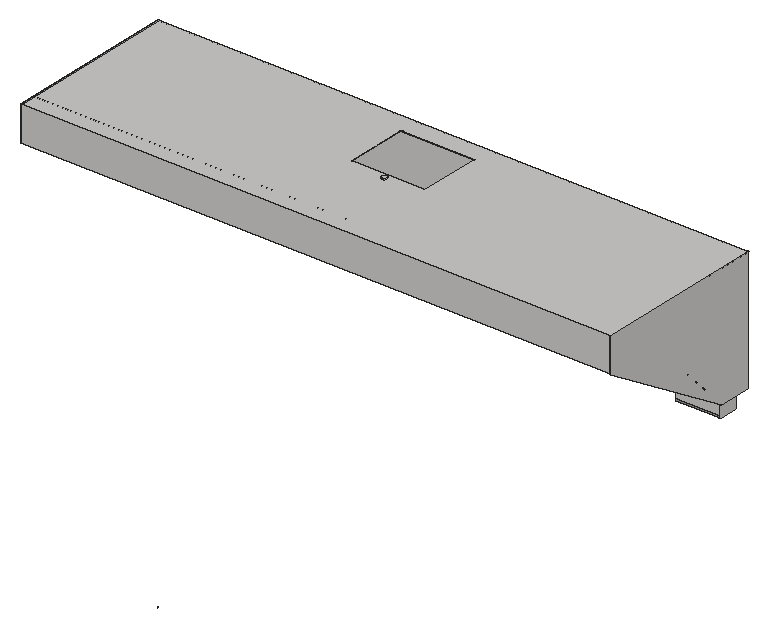
Revit family "QF_ELECTROLUXPROFESSIONAL_644202_AMPV724DT", category Specialty Equipment, Revit 2014
Reference planes
  plane 1: z = 0
  plane 2 "Center (Left/Right)": x = 150
  plane 3 "LEFT": x = -1050
  plane 4 "RIGHT": x = 1350
  plane 5 "BACK": y = 550
  plane 6 "Plane": z = 2000
  plane 7 "TOP": z = 2140
  plane 8 "Base": z = 1640
  plane 9: z = 1566
  plane 10 "DrainY": y = 485
  plane 11: x = -1047
  plane 12: through (0, 414.509, 1640.8) normal (0, 0.7314, 0.682)
  plane 13: y = 470
  plane 14: y = 220
  plane 15 "DrainX": x = 1230
  plane 16: x = 300
  plane 17: x = 0
  plane 18: x = 1347
  plane 19: x = 1140
  plane 20: x = 1320
  plane 21: x = -1010
  plane 22: x = -645
  plane 23: x = -450
  plane 24: x = 1310
  plane 25: x = 945
  plane 26: x = 750
  plane 27: x = -47.5
  plane 28: x = 347.5
  plane 29 "Center (Front/Back)": y = 200
  plane 30 "Front": y = -150
Forms (mm)
  Extrusion 1, solid, material "QF_Finishes_Stainless Steel"
    sketch origin (-1050, 0, 0) x (0, 1, 0) y (0, 0, 1)
      loop
        line (550, 1640) -> (550, 2140) -> (-150, 2140) -> (-150, 1999.112) -> (413.973, 1640) -> (550, 1640)
    from 0 to 3
  Extrusion 2, solid, material "QF_Finishes_Stainless Steel"
    sketch origin (150, 0, 0) x (0, 1, 0) y (0, 0, 1)
      loop
        line (415.255, 1640) -> (550, 1640) -> (550, 2139.19) -> (549.2, 2139.19) -> (549.2, 1640.8) -> (415.876, 1640.8) -> (339.347, 1722.867) -> (349.609, 1732.436) -> (348.927, 1733.167) -> (337.934, 1722.917) -> (415.255, 1640)
      loop
        line (-82.203, 2139.19) -> (-82.203, 2118.6) -> (-31.047, 2118.6) -> (34.354, 2048.466) -> (46.028, 2059.352) -> (45.346, 2060.083) -> (34.403, 2049.879) -> (-30.612, 2119.6) -> (-81.203, 2119.6) -> (-81.203, 2139.19) -> (-82.203, 2139.19)
    from -1197 to 1197
  Extrusion 3, solid, material "QF_Finishes_Stainless Steel"
    sketch origin (1350, 0, 0) x (0, 1, 0) y (0, 0, 1)
      loop
        line (550, 1640) -> (550, 2140) -> (-150, 2140) -> (-150, 1999.112) -> (413.973, 1640) -> (550, 1640)
    from 0 to -3
  Extrusion 4, solid, material "QF_Finishes_Stainless Steel"
    sketch origin (150, 0, 0) x (0, 1, 0) y (0, 0, 1)
      loop
        line (-150, 2140) -> (-150, 2000) -> (-149.2, 2000) -> (-149.2, 2139.19) -> (550, 2139.19) -> (550, 2140) -> (-150, 2140)
    from -1200 to 1200
  Extrusion 5, solid, material "QF_Finishes_Stainless Steel"
    sketch origin (150, 0, 0) x (0, 1, 0) y (0, 0, 1)
      loop
        line (534, 1640) -> (436, 1640) -> (436, 1627) -> (443.5, 1627) -> (443.5, 1576)
        arc (443.5, 1576) -> (446.429, 1568.929) -> (453.5, 1566) r 10
        line (453.5, 1566) -> (516.5, 1566)
        arc (516.5, 1566) -> (523.571, 1568.929) -> (526.5, 1576) r 10
        line (526.5, 1576) -> (526.5, 1627) -> (534, 1627) -> (534, 1640)
    from 990 to 1170
  Extrusion 6, solid, material "QF_Finishes_Stainless Steel"
    sketch origin (0, 0, 1640) x (0, 1, 0) y (-1, 0, 0)
      loop
        circle (485, -1230) r 20
    from -76 to -74
  Extrusion 7, solid, material "QF_Finished_Chrome"
    sketch origin (150, 0, 0) x (0, 1, 0) y (0, 0, 1)
      loop
        line (337.934, 1722.917) -> (341.591, 1726.327) -> (38.011, 2051.876) -> (34.354, 2048.466) -> (337.934, 1722.917)
    from -795 to -1160
  Extrusion 8, solid, material "QF_Finished_Chrome"
    sketch origin (150, 0, 0) x (0, 1, 0) y (0, 0, 1)
      loop
        line (337.934, 1722.917) -> (341.591, 1726.327) -> (38.011, 2051.876) -> (34.354, 2048.466) -> (337.934, 1722.917)
    from -197.5 to -600
  Extrusion 9, solid, material "QF_Finishes_Stainless Steel"
    sketch origin (150, 0, 0) x (0, 1, 0) y (0, 0, 1)
      loop
        line (337.934, 1722.917) -> (341.591, 1726.327) -> (38.011, 2051.876) -> (34.354, 2048.466) -> (337.934, 1722.917)
    from 1197 to 1160
  Extrusion 10, solid, material "QF_Finishes_Stainless Steel"
    sketch origin (150, 0, 0) x (0, 1, 0) y (0, 0, 1)
      loop
        line (341.588, 1726.324) -> (38.009, 2051.874) -> (34.354, 2048.466) -> (337.934, 1722.917) -> (341.588, 1726.324)
    from -795 to -600
  Extrusion 11, solid, material "QF_Finished_Chrome"
    sketch origin (150, 0, 0) x (0, 1, 0) y (0, 0, 1)
      loop
        line (341.588, 1726.324) -> (38.009, 2051.874) -> (34.354, 2048.466) -> (337.934, 1722.917) -> (341.588, 1726.324)
    from 795 to 1160
  Extrusion 12, void
    sketch origin (0, 0, 2140) x (0, 1, 0) y (-1, 0, 0)
      loop
        line (470, 0) -> (220, 0) -> (220, -300) -> (470, -300) -> (470, 0)
    from 0 to -10
  Extrusion 13, solid, material "QF_Finishes_Stainless Steel"
    sketch origin (0, 0, 0) x (1, 0, 0) y (0, 1, 0)
      loop
        line (-1050, 550) -> (-1050, 549) -> (-1049, 549) -> (-1049, 550) -> (-1050, 550)
    from 0 to 1
  Extrusion 14, solid, material "QF_Finishes_Stainless Steel"
    sketch origin (150, 0, 0) x (0, 1, 0) y (0, 0, 1)
      loop
        line (337.934, 1722.917) -> (341.591, 1726.327) -> (38.011, 2051.876) -> (34.354, 2048.466) -> (337.934, 1722.917)
    from -1160 to -1197
  Extrusion 15, solid, material "QF_Finishes_Stainless Steel"
    sketch origin (150, 0, 0) x (0, 1, 0) y (0, 0, -1)
      loop
        line (341.588, -1726.324) -> (337.934, -1722.917) -> (34.354, -2048.466) -> (38.009, -2051.874) -> (341.588, -1726.324)
    from -795 to -600
  Extrusion 16, solid, material "QF_Finished_Chrome"
    sketch origin (150, 0, 0) x (0, 1, 0) y (0, 0, 1)
      loop
        line (337.934, 1722.917) -> (341.591, 1726.327) -> (38.011, 2051.876) -> (34.354, 2048.466) -> (337.934, 1722.917)
    from 600 to 197.5
  Extrusion 17, solid, material "QF_Finishes_Stainless Steel"
    sketch origin (150, 0, 0) x (0, 1, 0) y (0, 0, -1)
      loop
        line (341.588, -1726.324) -> (337.934, -1722.917) -> (34.354, -2048.466) -> (38.009, -2051.874) -> (341.588, -1726.324)
    from -197.5 to 197.5
  Extrusion 18, solid, material "QF_Finishes_Stainless Steel"
    sketch origin (0, 0, 2140) x (0, 1, 0) y (-1, 0, 0)
      loop
        circle (200, -150) r 10
    from 0 to 2
Cuts and joins
  Extrusion 12 cuts Extrusion 4
  joined: Extrusion 2, Extrusion 4
Lines and regions (mm)
  reference lines
    curve 1: line (150, 34.354, 2048.466) -> (150, 34.354, 1888.466)
  symbolic lines, style "SpecialityEquipment", detail levels coarse
    curve 2: line (1350, 550, 2140) -> (-1050, 550, 2140)
    curve 3: line (-1050, 550, 2140) -> (-1050, -150, 2140)
    curve 4: line (1350, -150, 2140) -> (1350, 550, 2140)
    curve 5: line (-1050, -150, 2140) -> (1350, -150, 2140)
    curve 6: line (0, 220, 2140) -> (300, 220, 2140)
    curve 7: line (0, 470, 2140) -> (0, 220, 2140)
    curve 8: line (300, 470, 2140) -> (0, 470, 2140)
    curve 9: line (300, 220, 2140) -> (300, 470, 2140)
  symbolic lines, detail levels coarse
    curve 10: line (-1050, -150, 2140) -> (1350, 550, 2140)
    curve 11: line (-1050, 550, 2140) -> (1350, -150, 2140)
Dimensions and locks
  plane 3 "LEFT" to plane 4 "RIGHT" = 2400 mm
  equal spacing: plane 3 "LEFT", plane 2 "Center (Left/Right)", plane 4 "RIGHT"
  locked: plane 6 "Plane" to level at 2000
  plane 7 "TOP" to plane 6 "Plane" = 140 mm
  locked: plane 7 "TOP" to plane 8 "Base" at 500
  plane 8 "Base" to plane 9 = 74 mm
  plane 5 "BACK" to plane 10 "DrainY" = 65 mm  (x2)
  plane 3 "LEFT" to plane 11 = 3 mm
  plane 5 "BACK" to plane 13 = 80 mm
  plane 13 to plane 14 = 250 mm  (x2)
  plane 15 "DrainX" to plane 4 "RIGHT" = 120 mm
  plane 18 to plane 4 "RIGHT" = 3 mm
  locked: plane 19 to plane 15 "DrainX" at 90
  locked: plane 15 "DrainX" to plane 20 at 90
  plane 13 to plane 5 "BACK" = 80 mm
  locked: plane 3 "LEFT" to plane 21 at 40
  locked: plane 21 to plane 22 at 365
  locked: plane 22 to plane 23 at 195
  locked: plane 24 to plane 25 at 365
  locked: plane 25 to plane 26 at 195
  locked: plane 24 to plane 4 "RIGHT" at 40
  locked: plane 27 to plane 28 at 395
  equal spacing: plane 27, plane 2 "Center (Left/Right)", plane 28
  locked: plane 17 to plane 16 at 300
  equal spacing: plane 17, plane 2 "Center (Left/Right)", plane 16
  plane 23 to plane 27 = 402.5 mm
  plane 28 to plane 26 = 402.5 mm
  locked: plane 5 "BACK" to plane 30 "Front" at 700
  equal spacing: plane 5 "BACK", plane 29 "Center (Front/Back)", plane 30 "Front"
  plane 5 "BACK" to plane 30 "Front" = 700 mm
  aligned and locked: level to plane 1
  aligned and locked: Extrusion 2 to Extrusion 1
  aligned and locked: Extrusion 2 to Extrusion 3
  aligned and locked: plane 4 "RIGHT" to Extrusion 4
  aligned and locked: Extrusion 4 to plane 3 "LEFT"
  aligned and locked: plane 18 to Extrusion 9
  aligned and locked: plane 17 to Extrusion 12
  aligned and locked: Extrusion 12 to plane 16
  aligned and locked: Extrusion 12 to plane 14
  aligned and locked: Extrusion 12 to plane 13
  aligned and locked: Extrusion 2 to Extrusion 4
  aligned and locked: plane 20 to Extrusion 5
  aligned and locked: Extrusion 5 to plane 19
  aligned and locked: Extrusion 9 to plane 24
  aligned and locked: Extrusion 11 to plane 24
  aligned and locked: Extrusion 11 to plane 25
  aligned and locked: Extrusion 8 to plane 23
  aligned and locked: plane 23 to Extrusion 10
  aligned and locked: Extrusion 10 to plane 22
  aligned and locked: plane 22 to Extrusion 7
  aligned and locked: Extrusion 7 to plane 21
  aligned and locked: Extrusion 14 to plane 11
  aligned and locked: plane 21 to Extrusion 14
  aligned and locked: Extrusion 15 to plane 26
  aligned and locked: Extrusion 15 to plane 25
  aligned and locked: Extrusion 3 to plane 18
  aligned and locked: plane 27 to Extrusion 8
  aligned and locked: Extrusion 16 to plane 26
  aligned and locked: Extrusion 16 to plane 28
  aligned and locked: plane 28 to Extrusion 17
  aligned and locked: Extrusion 17 to plane 27
Automatic sketch dimensions
  Extrusion 2 sketch curve to plane 12 = 0 mm  (x3)
  Extrusion 2 sketch curve to plane 8 "Base" = 0 mm
  plane 12 to Extrusion 2 sketch curve = 0 mm
  Extrusion 2 sketch curve to plane 5 "BACK" = 0 mm
  Extrusion 2 sketch curve to Extrusion 2 sketch curve = 65.646 mm
  Extrusion 2 sketch curve to Extrusion 2 sketch curve = 0.682 mm  (x2)
  Extrusion 2 sketch curve to Extrusion 2 sketch curve = 10.261 mm
  plane 8 "Base" to Extrusion 2 sketch curve = 82.917 mm
  Extrusion 2 sketch curve to Extrusion 2 sketch curve = 10.942 mm
  Extrusion 2 sketch curve to Extrusion 2 sketch curve = 0.049 mm
  Extrusion 2 sketch curve to plane 7 "TOP" = 20.4 mm
  Extrusion 2 sketch curve to plane 7 "TOP" = 21.4 mm
  Extrusion 2 sketch curve to plane 7 "TOP" = 0.81 mm  (x2)
  Extrusion 2 sketch curve to Extrusion 2 sketch curve = 50.156 mm
  Extrusion 2 sketch curve to Extrusion 2 sketch curve = 1 mm
  plane 8 "Base" to Extrusion 2 sketch curve = 0.8 mm
  Extrusion 2 sketch curve to plane 5 "BACK" = 0.8 mm
  Extrusion 4 sketch curve to plane 6 "Plane" = 0 mm
  Extrusion 4 sketch curve to plane 5 "BACK" = 0 mm
  Extrusion 4 sketch curve to plane 7 "TOP" = 0 mm
  Extrusion 4 sketch curve to plane 7 "TOP" = 0.81 mm
  curve 1 to plane 12 = 0 mm
  curve 1 to plane 6 "Plane" = 111.534 mm
  Extrusion 5 sketch curve to plane 8 "Base" = 0 mm
  Extrusion 5 sketch curve to plane 9 = 0 mm
  Extrusion 5 sketch curve to plane 8 "Base" = 13 mm  (x2)
  plane 13 to Extrusion 5 sketch curve = 34 mm
  Extrusion 5 sketch curve to Extrusion 5 sketch curve = 7.5 mm  (x2)
  Extrusion 5 sketch curve to Extrusion 5 sketch curve = 10 mm
  plane 10 "DrainY" to Extrusion 5 sketch curve = 31.5 mm
  Extrusion 5 sketch curve to plane 5 "BACK" = 23.5 mm
  Extrusion 6 sketch curve to plane 10 "DrainY" = 0 mm
  Extrusion 6 sketch curve to plane 15 "DrainX" = 0 mm
  Extrusion 7 sketch curve to plane 12 = 0 mm  (x2)
  Extrusion 7 sketch curve to Extrusion 7 sketch curve = 3.657 mm
  plane 8 "Base" to Extrusion 7 sketch curve = 82.917 mm
  Extrusion 8 sketch curve to plane 12 = 0 mm  (x2)
  Extrusion 8 sketch curve to Extrusion 8 sketch curve = 3.657 mm
  plane 8 "Base" to Extrusion 8 sketch curve = 82.917 mm
  Extrusion 9 sketch curve to plane 12 = 0 mm  (x2)
  Extrusion 9 sketch curve to Extrusion 9 sketch curve = 3.657 mm
  plane 8 "Base" to Extrusion 9 sketch curve = 82.917 mm
  Extrusion 10 sketch curve to plane 12 = 0 mm  (x2)
  Extrusion 10 sketch curve to Extrusion 10 sketch curve = 3.655 mm
  plane 8 "Base" to Extrusion 10 sketch curve = 82.917 mm
  Extrusion 11 sketch curve to plane 12 = 0 mm  (x2)
  Extrusion 11 sketch curve to Extrusion 11 sketch curve = 3.655 mm
  plane 8 "Base" to Extrusion 11 sketch curve = 82.917 mm
  Extrusion 12 sketch curve to plane 14 = 0 mm
  plane 13 to Extrusion 12 sketch curve = 0 mm
  Extrusion 12 sketch curve to plane 16 = 0 mm
  Extrusion 12 sketch curve to plane 17 = 0 mm
  Extrusion 13 sketch curve to plane 3 "LEFT" = 0 mm
  Extrusion 13 sketch curve to plane 5 "BACK" = 0 mm
  plane 3 "LEFT" to Extrusion 13 sketch curve = 1 mm
  Extrusion 13 sketch curve to Extrusion 13 sketch curve = 1 mm
  Extrusion 14 sketch curve to plane 12 = 0 mm  (x2)
  Extrusion 14 sketch curve to Extrusion 14 sketch curve = 3.657 mm
  plane 8 "Base" to Extrusion 14 sketch curve = 82.917 mm
  Extrusion 15 sketch curve to plane 12 = 0 mm  (x2)
  Extrusion 15 sketch curve to Extrusion 15 sketch curve = 3.655 mm
  plane 8 "Base" to Extrusion 15 sketch curve = 82.917 mm
  Extrusion 16 sketch curve to plane 12 = 0 mm  (x2)
  Extrusion 16 sketch curve to Extrusion 16 sketch curve = 3.657 mm
  plane 8 "Base" to Extrusion 16 sketch curve = 82.917 mm
  Extrusion 17 sketch curve to plane 12 = 0 mm  (x2)
  Extrusion 17 sketch curve to Extrusion 17 sketch curve = 3.655 mm
  plane 8 "Base" to Extrusion 17 sketch curve = 82.917 mm
  Extrusion 4 sketch curve to Extrusion 4 sketch curve = 0.8 mm
  plane 6 "Plane" to Extrusion 2 sketch curve = 48.466 mm
  Extrusion 4 sketch curve to plane 14 = 369.2 mm
  curve 1 to plane 14 = 185.646 mm
  plane 6 "Plane" to Extrusion 7 sketch curve = 51.876 mm
  plane 6 "Plane" to Extrusion 8 sketch curve = 51.876 mm
  plane 6 "Plane" to Extrusion 9 sketch curve = 51.876 mm
  plane 6 "Plane" to Extrusion 10 sketch curve = 51.874 mm
  plane 6 "Plane" to Extrusion 11 sketch curve = 51.874 mm
  plane 6 "Plane" to Extrusion 14 sketch curve = 51.876 mm
  plane 6 "Plane" to Extrusion 15 sketch curve = 51.874 mm
  plane 6 "Plane" to Extrusion 16 sketch curve = 51.876 mm
  plane 6 "Plane" to Extrusion 17 sketch curve = 51.874 mm
  Extrusion 1 sketch curve to plane 5 "BACK" = 0 mm
  Extrusion 1 sketch curve to plane 7 "TOP" = 0 mm
  plane 13 to Extrusion 1 sketch curve = 56.027 mm
  Extrusion 3 sketch curve to plane 30 "Front" = 0 mm
  Extrusion 3 sketch curve to plane 8 "Base" = 0 mm
  Extrusion 3 sketch curve to plane 5 "BACK" = 0 mm
  Extrusion 3 sketch curve to plane 7 "TOP" = 0 mm
  plane 13 to Extrusion 3 sketch curve = 56.027 mm
  Extrusion 3 sketch curve to plane 6 "Plane" = 0.888 mm
  Extrusion 1 sketch curve to plane 30 "Front" = 0 mm
  Extrusion 1 sketch curve to plane 8 "Base" = 0 mm
  Extrusion 1 sketch curve to plane 6 "Plane" = 0.888 mm
  Extrusion 18 sketch curve to plane 2 "Center (Left/Right)" = 0 mm
  Extrusion 18 sketch curve to plane 29 "Center (Front/Back)" = 0 mm
  curve 11 to plane 4 "RIGHT" = 0 mm
  curve 10 to plane 30 "Front" = 0 mm
  curve 7 to plane 14 = 0 mm
  plane 13 to curve 7 = 0 mm
  curve 3 to plane 5 "BACK" = 0 mm
  curve 11 to plane 3 "LEFT" = 0 mm
  curve 9 to plane 16 = 0 mm
  curve 7 to plane 17 = 0 mm
  radius of Extrusion 6 sketch curve = 20 mm
  radius of Extrusion 18 sketch curve = 10 mm
Connectors
  piping at (1230, 485, 1564), diameter 20
    settings: on Extrusion 6, index 1, connector inside diameter 609.6 mm, connector length 0 mm, flow factor 0, pipe flow 0.0 L/s, pressure drop 0.0 Pa, fitting loss kfactor 0, connector angle 0.00°, fixture units 0, engagement length 0 mm, angle of deflection 0.00°, flow configuration 1, flow direction 2, fitting loss method 0, system type 16, joint type 0, gender type 0, connector reference index -1, connector utility 0, adjustable connector no, is connector primary yes, connector description "Drain"
  hvac at (150, 345, 2140)
    settings: on Extrusion 12, index 2, duct flow 0.0 L/s, flow factor 0, pres drop 0.0 Pa, loss coef 0, conn angle 0.00°, conn width 250 mm, conn height 300 mm, conn diameter 609.6 mm, duct sys type 3, conn prof type 1, flow config 1, flow direction 2, loss method 0, conn ref index -1, conn util no, is conn primary yes, conn desc "EXHAUST OUTLET"
  electrical at (150, 200, 2142)
    settings: on Extrusion 18, index 3, voltage 0 V, apparent load 0 VA, apparent load phase1 0 VA, apparent load phase2 0 VA, apparent load phase3 0 VA, power factor 1, load classification "Other", number of poles 1, system type 30, power factor state 1, is connector primary yes, connector utility no, sub classification motor no, connector description "Electrical connection"
